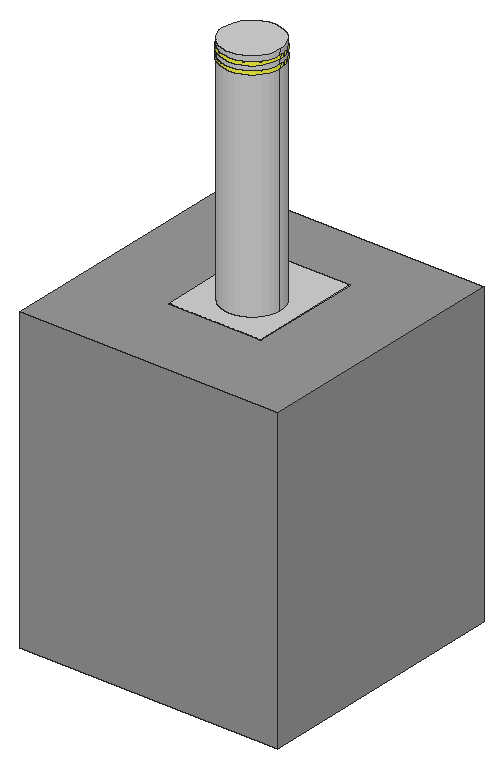
Revit family "Bollard-1_800_Bollards-Assissted_Retractable-CS3", category Site, Revit 2017
Family settings
  Round Connector Dimension = Use Diameter
  Part Type = Normal
  OmniClass Number = 23.15.10.11.21
  OmniClass Title = Traffic Safety Barriers and Protections
  Work Plane-Based = No
  Always vertical = Yes
  Cut with Voids When Loaded = No
  Shared = No
Parameters (values of type "8 in")
  URL = "https://1800bollards.com/"
  Type Comments = if([6 in Bollard], "6 in Nominal Diameter", if([8 in Bollard], "8 in Nominal Diameter", "10 in Nominal Diameter"))  # "8 in Nominal Diameter"
  Thickness = if([6 in Bollard], 0' 6 5/8", if([8 in Bollard], 0' 8 5/8", 0' 10 3/4"))  # 0' - 8 5/8"
  Stainless Steel = not(Carbon Steel)  # yes
  Product Page URL = "https://1800bollards.com/product-category/retractable-bollards/"
  Product Name = "Retractable Bollards"  # constant formula
  Product Documentation Link = "https://microsite.caddetails.com/Main/Company/ViewFolder?folderID=16766&companyID=5046&searchType=None&microsite=1"
  Model = "Assisted Lift Manual Retractable Bollard"  # constant formula
  Manufacturer = "1-800-BOLLARDS"  # constant formula
  Height Below Grade = 3' - 9 1/2"  # constant formula
  Height = 2' - 11 55/128"  # constant formula
  Foundation Width = 3' - 3"  # constant formula
  Foundation Length = 3' - 3"  # constant formula
  Finish = Metal-1_800_Bollards-Stainless_Steel
  Description = if(Carbon Steel, "Carbon Steel Assissted Retractable Bollard", "Stainless Steel Assissted Retractable Bollard")  # "Stainless Steel Assissted Retractable Bollard"
  Concrete by others = yes
  Concrete Finish by others = Concrete, Lightweight
  Carbon Steel = no
  Bollard Radius = Thickness / 2  # 0' - 4 5/16"
  Base Plate Width = if([6 in Bollard], 1' 0", if([8 in Bollard], 1' 2", 1' 4 1/8"))  # 1' - 2"
  Assembly Code = "G2020400"
  8 in Bollard = yes
  6 in Bollard = not(or([8 in Bollard], [10 in Bollard]))  # no
  10 in Bollard = no
Types (4): name | Type Comments | Thickness | Bollard Radius | Base Plate Width | Assembly Code | 8 in Bollard | 6 in Bollard | 10 in Bollard
  (no name) | "8 in Nominal Diameter" | 0' - 8 5/8" | 0' - 4 5/16" | 1' - 2" | "G2020400" | yes | no | no
  6 in | "6 in Nominal Diameter" | 0' - 6 5/8" | 0' - 3 5/16" | 1' - 0" | "G2010400" | no | yes | no
  8 in | "8 in Nominal Diameter" | 0' - 8 5/8" | 0' - 4 5/16" | 1' - 2" | "G2020400" | yes | no | no
  10 in | "10 in Nominal Diameter" | 0' - 10 3/4" | 0' - 5 3/8" | 1' - 4 1/8" | "G2010400" | no | no | yes
Reference planes (in)
  plane 1 "Center (Front/Back)": y = 0
  plane 2: z = 0
  plane 3 "Center (Left/Right)": x = 0
  plane 4 "Top": z = 35.42969
  plane 5 "Bottom": z = -45.5
  plane 6 "Right": x = 4.3125
  plane 7 "Left": x = -4.3125
  plane 8 "Back": y = 4.3125
  plane 9 "Front": y = -4.3125
Forms (in)
  Extrusion 1, solid, material "Metal-1_800_Bollards-Stainless_Steel" <- "Finish", detail levels medium+fine
    sketch origin (0, 0, 0) x (1, 0, 0) y (0, 1, 0)
      loop
        circle (0, 0) r 4.3125
    from -45.5 to 35.42969
  Extrusion 2, solid, material "Metal-1_800_Bollards-Stainless_Steel" <- "Finish", detail levels coarse
    sketch origin (0, 0, 0) x (1, 0, 0) y (0, 1, 0)
      loop
        line (-4.3125, 4.3125) -> (-4.3125, -4.3125) -> (4.3125, -4.3125) -> (4.3125, 4.3125) -> (-4.3125, 4.3125)
    from -45.5 to 35.42969
  Extrusion 3, solid, material "Concrete, Lightweight" <- "Concrete Finish by others", visible <- "Concrete by others"
    sketch origin (0, 0, 0) x (1, 0, 0) y (0, 1, 0)
      loop
        line (-19.5, 19.5) -> (-19.5, -19.5) -> (19.5, -19.5) -> (19.5, 19.5) -> (-19.5, 19.5)
    from 0 to -45.5
  Extrusion 4, solid, material "Metal-1_800_Bollards-Stainless_Steel" <- "Finish"
    sketch origin (0, 0, 0) x (1, 0, 0) y (0, 1, 0)
      loop
        line (-7, 9.77812) -> (-7, -7.03069) -> (7, -7.03069) -> (7, 9.77812) -> (-7, 9.77812)
    from 0 to 0.07126
  Revolve 5, solid, material "Visibility_Marker-1_800_Bollards-Yellow", detail levels fine
    sketch origin (0, 0, 0) x (1, 0, 0) y (0, 0, 1)
      loop
        line (4.3125, 34.67969) -> (4.3125, 34.17969) -> (4.36632, 34.17969) -> (4.36632, 34.67969) -> (4.3125, 34.67969)
      loop
        line (4.3125, 33.42969) -> (4.3125, 32.92969) -> (4.36632, 32.92969) -> (4.36632, 33.42969) -> (4.3125, 33.42969)
      axis (0, 34.67969) -> (0, 32.92969)
    angle from 0 to 360
Dimensions and locks (in)
  "Height": plane 4 "Top" to level
  "Height Below Grade": level to plane 5 "Bottom"
  "Thickness": plane 7 "Left" to plane 6 "Right"
  "Thickness": plane 9 "Front" to plane 8 "Back"
  equal spacing: plane 9 "Front", plane 1 "Center (Front/Back)", plane 8 "Back"
  equal spacing: plane 7 "Left", plane 3 "Center (Left/Right)", plane 6 "Right"
  equal spacing: Extrusion 3 sketch curve, plane 3 "Center (Left/Right)", Extrusion 3 sketch curve
  "Foundation Width": Extrusion 3 sketch curve to Extrusion 3 sketch curve
  "Foundation Length": Extrusion 3 sketch curve to Extrusion 3 sketch curve
  equal spacing: Extrusion 3 sketch curve, plane 1 "Center (Front/Back)", Extrusion 3 sketch curve
  equal spacing: Extrusion 4 sketch curve, plane 3 "Center (Left/Right)", Extrusion 4 sketch curve
  Extrusion 4 sketch curve to plane 1 "Center (Front/Back)" to Extrusion 4 sketch curve = 0' - 7.03069" locked, 0' - 9.77812" locked
  "Base Plate Width": Extrusion 4 sketch curve to Extrusion 4 sketch curve
  Extrusion 4 to level to Extrusion 4 = 0' - 0.07126" locked, 0' - 0" locked
  locked: nested 3 to Extrusion 1 sketch curve at 0
  locked: plane 1 "Center (Front/Back)" to Extrusion 1 sketch curve at 0
  Revolve 5 sketch curve to Revolve 5 sketch curve to plane 6 "Right" to Revolve 5 sketch curve to Revolve 5 sketch curve = 0' - 0" locked, 0' - 0.05382" locked, 0' - 0" locked, 0' - 0" locked
  plane 4 "Top" to Revolve 5 sketch curve to Revolve 5 sketch curve to Revolve 5 sketch curve to Revolve 5 sketch curve = 0' - 0 3/4" locked, 0' - 0 1/2" locked, 0' - 0 3/4" locked, 0' - 0 1/2" locked
  Revolve 5 sketch curve to plane 3 "Center (Left/Right)" = 0' - 4 5/16"
  "Bollard Radius": radius of Extrusion 1 sketch curve
  aligned and locked: plane 2 to level
  aligned and locked: plane 4 "Top" to Extrusion 1
  aligned and locked: plane 8 "Back" to Extrusion 2 sketch curve
  aligned and locked: plane 7 "Left" to Extrusion 2 sketch curve
  aligned and locked: Extrusion 2 sketch curve to plane 9 "Front"
  aligned and locked: Extrusion 2 sketch curve to plane 6 "Right"
  aligned and locked: plane 4 "Top" to Extrusion 2
  aligned and locked: plane 5 "Bottom" to Extrusion 1
  aligned and locked: nested 1 to plane 3 "Center (Left/Right)"
  aligned and locked: nested 1 to level
  aligned and locked: plane 5 "Bottom" to Extrusion 2
  aligned and locked: Extrusion 3 to level
  aligned and locked: nested 2 to plane 1 "Center (Front/Back)"
  aligned and locked: level to nested 2
  aligned and locked: plane 1 "Center (Front/Back)" to nested 3
  aligned and locked: plane 3 "Center (Left/Right)" to nested 3
  aligned and locked: plane 5 "Bottom" to Extrusion 3
  aligned and locked: Revolve 5 sketch curve to plane 3 "Center (Left/Right)"
Automatic sketch dimensions
  Revolve 5 sketch curve to Revolve 5 sketch curve = 0' - 6 1/2"
  plane 4 "Top" to Revolve 5 sketch curve = 0' - 4"
Nested families (in)
  nested 1: "Nested-1_800_Bollards-Assisted_Retractable-Mounting_Detail" at (0, 0, 0) x (1, 0, 0) z (0, -1, 0), type "Mounting Detail Front View"
  nested 2: "Nested-1_800_Bollards-Assisted_Retractable-Mounting_Detail" at (0, 0, 0) x (0, -1, 0) z (1, 0, 0), type "Mounting Detail Side View"
  nested 3: "Nested-1_800_Bollards-Assisted_Retractable-Mounting_Detail_Plan" at (0, 19.5, 0), type "Mounting Detail Plan View"
Definition of nested family "Nested-1_800_Bollards-Assisted_Retractable-Mounting_Detail"
  Parameters (values of type "Mounting Detail Side View")
    Width = 3' - 3"
    Warranty = ""
    URL = "https://1800bollards.com/"
    Type Comments = "For use with 1-800-Bollards Models Only"  # constant formula
    Side View = yes
    Product Page URL = "https://1800bollards.com/product-category/retractable-bollards/"
    Product Name = "Retractable Bollards"  # constant formula
    Product Documentation Link = "https://microsite.caddetails.com/Main/Company/ViewFolder?folderID=16766&companyID=5046&searchType=None&microsite=1"
    Model = "Assisted Retractable Bollard Mounting Detail"  # constant formula
    Manufacturer = "1-800-BOLLARDS"  # constant formula
    Front View = not(Side View)  # no
    Description = "Assissted Lift Manual Retractable Bollard"  # constant formula
    Depth = Bollard Depth  # 3' - 9 1/2"
    Concrete by others = yes
    Bollard Width = 0' - 4 5/8"
    Bollard Radius = Bollard Width / 2  # 0' - 2 5/16"
    Bollard Depth = 3' - 9 1/2"
  Types (2): name | Side View | Product Page URL | Product Documentation Link | Front View | Bollard Width | Bollard Radius
    Mounting Detail Front View | no | "" | "" | yes | 0' - 6 5/8" | 0' - 3 5/16"
    Mounting Detail Side View | yes | "https://1800bollards.com/product-category/retractable-bollards/" | "https://microsite.caddetails.com/Main/Company/ViewFolder?folderID=16766&companyID=5046&searchType=None&microsite=1" | no | 0' - 4 5/8" | 0' - 2 5/16"
  Reference planes (in)
    plane 1 "Top": y = 0
    plane 2: z = 0
    plane 3 "Center (Left/Right)": x = 0
    plane 4 "Bottom": y = -45.5
    plane 5 "Left": x = -19.5
    plane 6 "Right": x = 19.5
    plane 7: x = -2.3125
    plane 8: x = 2.3125
  Lines and regions (in)
    Filled region 1, type "Concrete", in view "Ref. Level", visible <- "Concrete by others", detail levels medium+fine
      outline origin (0, 0, 0) x (1, 0, 0) y (0, 1, 0)
        loop
          line (-19.5, 0) -> (-19.5, -45.5) -> (19.5, -45.5) -> (19.5, 0) -> (-19.5, 0)
    Masking region 1, in view "Ref. Level", visible <- "Concrete by others", detail levels coarse
      outline origin (0, 0, 0) x (1, 0, 0) y (0, 1, 0)
        loop
          line (-19.5, 0) -> (-19.5, -45.5) -> (19.5, -45.5) -> (19.5, 0) -> (-19.5, 0)
    Masking region 2, in view "Ref. Level", detail levels medium+fine
      outline origin (0, 0, 0) x (1, 0, 0) y (0, 1, 0)
        loop
          line (-2.59375, 0) -> (-2.59375, -45.5) -> (2.59375, -45.5) -> (2.59375, 0) -> (-2.59375, 0)
    Masking region 3, in view "Ref. Level", visible <- "Front View", detail levels medium+fine
      outline origin (0, 0, 0) x (1, 0, 0) y (0, 1, 0)
        loop
          line (-3.125, 0) -> (-3.125, -0.39355) -> (3.1373, -0.39355) -> (3.1373, 0) -> (-3.125, 0)
    Masking region 4, in view "Ref. Level", visible <- "Front View", detail levels fine
      outline origin (0, 0, 0) x (1, 0, 0) y (0, 1, 0)
        loop
          line (-2.90119, -0.94455) -> (-2.60264, -0.94455) -> (-2.60264, -0.39355) -> (-2.90119, -0.39355) -> (-2.90119, -0.94455)
        loop
          line (2.59375, -0.94455) -> (2.8923, -0.94455) -> (2.8923, -0.39355) -> (2.59375, -0.39355) -> (2.59375, -0.94455)
        loop
          line (-1.48439, -1.98352) -> (-1.48439, -2.73915) -> (1.48443, -2.73915) -> (1.48443, -1.98352) -> (-1.48439, -1.98352)
        loop
          line (-1.48439, -43.63673) -> (-1.48439, -44.39249) -> (1.48443, -44.39249) -> (1.48443, -43.63673) -> (-1.48439, -43.63673)
    Masking region 5, in view "Ref. Level", visible <- "Side View", detail levels medium+fine
      outline origin (0, 0, 0) x (1, 0, 0) y (0, 1, 0)
        loop
          line (-9.25495, 0) -> (-9.25495, -1.20842) -> (-7.11723, -1.20842) -> (-7.11723, -5.71658) -> (-4.18929, -5.71658) -> (-4.18929, -45.5) -> (4.15717, -45.5) -> (4.15717, -1.20842) -> (6.03237, -1.20842) -> (6.03237, 0) -> (-9.25495, 0)
    Masking region 6, in view "Ref. Level", visible <- "Side View", detail levels fine
      outline origin (0, 0, 0) x (1, 0, 0) y (0, 1, 0)
        loop
          line (-8.50348, -1.20842) -> (-8.50348, -2.78851) -> (-7.62046, -2.78851) -> (-7.62046, -1.20842) -> (-8.50348, -1.20842)
        loop
          line (4.41364, -1.20842) -> (4.41364, -2.78851) -> (5.29666, -2.78851) -> (5.29666, -1.20842) -> (4.41364, -1.20842)
        loop
          line (4.18141, -5.85601) -> (4.18141, -8.13329) -> (5.15722, -8.13329) -> (5.15722, -5.85601) -> (4.18141, -5.85601)
        loop
          line (4.18141, -40.01578) -> (4.18141, -42.29305) -> (5.15722, -42.29305) -> (5.15722, -40.01578) -> (4.18141, -40.01578)
    detail lines, in view "Ref. Level", detail levels medium+fine
      curve 1: line (-2.3125, 0, 0) -> (-2.3125, -45.5, 0)
      curve 2: line (2.3125, -45.5, 0) -> (2.3125, 0, 0)
  Dimensions and locks (in)
    "Depth": plane 4 "Bottom" to plane 1 "Top"
    "Width": plane 5 "Left" to plane 6 "Right"
    equal spacing: plane 5 "Left", plane 3 "Center (Left/Right)", plane 6 "Right"
    locked: Masking region 2 sketch curve to plane 7 at 0.28125
    locked: plane 8 to Masking region 2 sketch curve at 0.28125
    "Bollard Depth": plane 1 "Top" to Masking region 2 sketch curve
    Masking region 5 sketch curve to Masking region 5 sketch curve to Masking region 5 sketch curve to plane 7 = 0' - 2.13771" locked, 0' - 2.92794" locked, 0' - 1.87679" locked
    plane 8 to Masking region 5 sketch curve to Masking region 5 sketch curve = 0' - 1.84467" locked, 0' - 1.8752" locked
    Masking region 5 sketch curve to plane 1 "Top" to Masking region 5 sketch curve to Masking region 5 sketch curve to Masking region 5 sketch curve = 0' - 0" locked, 0' - 1.20842" locked, 0' - 0" locked, 0' - 4.50816" locked
    Masking region 6 sketch curve to Masking region 6 sketch curve to plane 7 = 0' - 0.88302" locked, 0' - 5.30796" locked
    plane 8 to Masking region 6 sketch curve to Masking region 6 sketch curve to Masking region 6 sketch curve to Masking region 6 sketch curve to Masking region 6 sketch curve to Masking region 6 sketch curve = 0' - 1.86891" locked, 0' - 0" locked, 0' - 0.23223" locked, 0' - 0.74358" locked, 0' - 0" locked, 0' - 0.13944" locked
    Masking region 6 sketch curve to Masking region 6 sketch curve to Masking region 6 sketch curve to Masking region 6 sketch curve to Masking region 6 sketch curve to Masking region 6 sketch curve to plane 1 "Top" = 0' - 2.27728" locked, 0' - 3.06751" locked, 0' - 0" locked, 0' - 1.58009" locked, 0' - 0" locked, 0' - 1.20842" locked
    equal spacing: plane 7, plane 3 "Center (Left/Right)", plane 8
    "Bollard Width": plane 7 to plane 8
    locked: Masking region 3 sketch curve to plane 7 at 0.8125
    locked: plane 8 to Masking region 3 sketch curve at 0.8248
    locked: plane 1 "Top" to Masking region 3 sketch curve at 0.39355
    Masking region 4 sketch curve to Masking region 4 sketch curve to plane 7 to Masking region 4 sketch curve = 0' - 0.29855" locked, 0' - 0.29014" locked, 0' - 0 53/64" locked
    Masking region 4 sketch curve to plane 8 to Masking region 4 sketch curve to Masking region 4 sketch curve = 0' - 0.82807" locked, 0' - 0 9/32" locked, 0' - 0.29855" locked
    Masking region 4 sketch curve to Masking region 4 sketch curve to Masking region 4 sketch curve to Masking region 4 sketch curve to Masking region 4 sketch curve to Masking region 4 sketch curve to plane 1 "Top" = 0' - 0.75563" locked, 0' - 1.03897" locked, 0' - 0" locked, 0' - 0.551" locked, 0' - 0" locked, 0' - 0.39355" locked
    Masking region 4 sketch curve to Masking region 4 sketch curve to plane 4 "Bottom" = 0' - 0.75576" locked, 0' - 1.10751" locked
    locked: plane 7 to Masking region 4 sketch curve at 0.82811
    locked: Masking region 4 sketch curve to plane 8 at 0.82807
    Masking region 6 sketch curve to Masking region 6 sketch curve to plane 4 "Bottom" = 0' - 2.27728" locked, 0' - 3.20695" locked
    aligned and locked: plane 1 "Top" to Filled region 1 sketch curve
    aligned and locked: plane 1 "Top" to Masking region 1 sketch curve
    aligned and locked: plane 4 "Bottom" to Masking region 1 sketch curve
    aligned and locked: plane 6 "Right" to Masking region 1 sketch curve
    aligned and locked: Masking region 1 sketch curve to plane 5 "Left"
    aligned and locked: Filled region 1 sketch curve to plane 5 "Left"
    aligned and locked: plane 6 "Right" to Filled region 1 sketch curve
    aligned and locked: plane 4 "Bottom" to Filled region 1 sketch curve
    aligned and locked: plane 1 "Top" to Masking region 2 sketch curve
    aligned and locked: plane 1 "Top" to Masking region 3 sketch curve
    aligned and locked: plane 1 "Top" to curve 1
    aligned and locked: plane 1 "Top" to curve 2
    aligned and locked: plane 8 to curve 2
    aligned and locked: plane 4 "Bottom" to curve 1
    aligned and locked: plane 4 "Bottom" to curve 2
    aligned and locked: Masking region 5 sketch curve to plane 4 "Bottom"
  Automatic sketch dimensions
    curve 1 to plane 7 = 0' - 0"
Definition of nested family "Nested-1_800_Bollards-Assisted_Retractable-Mounting_Detail_Plan"
  Parameters (values of type "Mounting Detail Plan View")
    Width = 3' - 3"
    Warranty = ""
    URL = "https://1800bollards.com/"
    Type Comments = "For use with 1-800-Bollards Models Only"  # constant formula
    Product Page URL = "https://1800bollards.com/product-category/retractable-bollards/"
    Product Name = "Retractable Bollards"  # constant formula
    Product Documentation Link = "folderID=16766&companyID=5046&searchType=None&microsite=1"
    Model = "Assisted Retractable Bollard Mounting Detail"  # constant formula
    Manufacturer = "1-800-BOLLARDS"  # constant formula
    Description = "Assissted Lift Manual Retractable Bollard"  # constant formula
    Depth = 3' - 3"
    Concrete by others = yes
    Bollard Width = 0' - 6 5/8"
    Bollard Radius = Bollard Width / 2  # 0' - 3 5/16"
    Base Plate Width = 1' - 0"
  Reference planes (in)
    plane 1 "Top": y = 0
    plane 2: z = 0
    plane 3 "Center (Left/Right)": x = 0
    plane 4 "Bottom": y = -39
    plane 5 "Left": x = -19.5
    plane 6 "Right": x = 19.5
    plane 7 "Center": y = -19.5
  Lines and regions (in)
    Filled region 1, type "Concrete", in view "Ref. Level", visible <- "Concrete by others", detail levels medium+fine
      outline origin (0, 0, 0) x (1, 0, 0) y (0, 1, 0)
        loop
          line (-19.5, 0) -> (-19.5, -39) -> (19.5, -39) -> (19.5, 0) -> (-19.5, 0)
        loop
          circle (0, -19.5) r 4.08036
    Masking region 1, in view "Ref. Level", visible <- "Concrete by others", detail levels coarse
      outline origin (0, 0, 0) x (1, 0, 0) y (0, 1, 0)
        loop
          line (-19.5, 0) -> (-19.5, -39) -> (19.5, -39) -> (19.5, 0) -> (-19.5, 0)
    Masking region 2, in view "Ref. Level", detail levels medium+fine
      outline origin (0, 0, 0) x (1, 0, 0) y (0, 1, 0)
        loop
          line (-6, -9.72188) -> (-6, -26.53069) -> (6, -26.53069) -> (6, -9.72188) -> (-6, -9.72188)
        loop
          line (-5.59599, -10.1259) -> (-5.59599, -26.12667) -> (5.63632, -26.12667) -> (5.63632, -10.1259) -> (-5.59599, -10.1259)
    Masking region 3, in view "Ref. Level", detail levels medium+fine
      outline origin (0, 0, 0) x (1, 0, 0) y (0, 1, 0)
        loop
          circle (0, -19.5) r 3.3125
        loop
          circle (0, -19.5) r 3.87015
  Dimensions and locks (in)
    "Depth": plane 4 "Bottom" to plane 1 "Top"
    "Width": plane 5 "Left" to plane 6 "Right"
    equal spacing: plane 5 "Left", plane 3 "Center (Left/Right)", plane 6 "Right"
    equal spacing: plane 4 "Bottom", plane 7 "Center", plane 1 "Top"
    locked: plane 7 "Center" to Filled region 1 sketch curve
    locked: Masking region 3 to Filled region 1 sketch curve at 0.76786
    "Bollard Radius": plane 7 "Center" to Masking region 3 sketch curve
    locked: Masking region 3 sketch curve to Masking region 3 sketch curve at 0.55765
    locked: plane 7 "Center" to Masking region 3 sketch curve
    locked: plane 3 "Center (Left/Right)" to Masking region 3 sketch curve
    locked: plane 3 "Center (Left/Right)" to Filled region 1 sketch curve
    locked: Masking region 2 sketch curve to Masking region 2 sketch curve at 0.40401
    Masking region 2 sketch curve to Masking region 2 sketch curve to plane 7 "Center" to Masking region 2 sketch curve to Masking region 2 sketch curve = 0' - 0.40401" locked, 0' - 6.62667" locked, 0' - 9.3741" locked, 0' - 0.40401" locked
    locked: Masking region 2 sketch curve to Masking region 2 sketch curve at 0.36368
    equal spacing: Masking region 2 sketch curve, plane 3 "Center (Left/Right)", Masking region 2 sketch curve
    "Base Plate Width": Masking region 2 sketch curve to Masking region 2 sketch curve
    aligned and locked: plane 1 "Top" to Filled region 1 sketch curve
    aligned and locked: plane 1 "Top" to Masking region 1 sketch curve
    aligned and locked: plane 4 "Bottom" to Masking region 1 sketch curve
    aligned and locked: plane 6 "Right" to Masking region 1 sketch curve
    aligned and locked: plane 5 "Left" to Masking region 1 sketch curve
    aligned and locked: plane 5 "Left" to Filled region 1 sketch curve
    aligned and locked: plane 6 "Right" to Filled region 1 sketch curve
    aligned and locked: plane 4 "Bottom" to Filled region 1 sketch curve
  Automatic sketch dimensions
    Masking region 3 sketch curve to Masking region 3 sketch curve = 0' - 0"  (x2)
